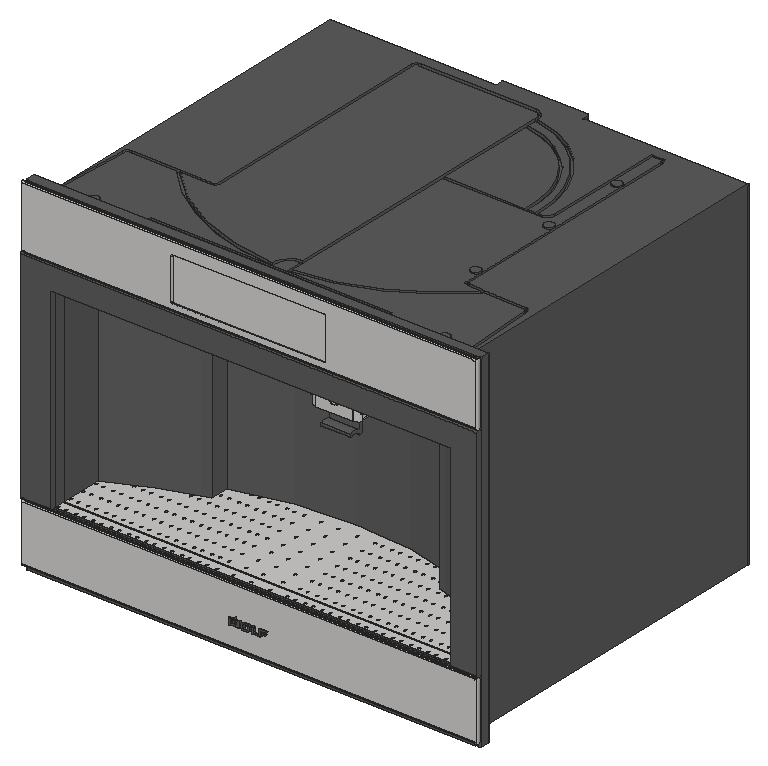
Revit family "EC2450TE", category Specialty Equipment, Revit 2017
Family settings
  Round Connector Dimension = Use Diameter
  Part Type = Normal
  OmniClass Number = 23.40.40.11.21
  OmniClass Title = Hot Cabinets
  Work Plane-Based = No
  Always vertical = Yes
  Cut with Voids When Loaded = No
  Shared = No
  Room Calculation Point = No
Parameters (values of type "EC2450TE")
  URL = "http://www.yepsketch.com"
  Model = "EC2450TE"
  Manufacturer = "Subzero Wolf"
  Author = "Yepsketch"
  Assembly Code = "E1090320"
Reference planes (in)
  plane 1 "Center (Front/Back)": y = 0
  plane 2: z = 0
  plane 3 "Center (Left/Right)": x = 0
Forms (in)
  Extrusion 1, solid, material "Thermoplastic Resin"
    sketch origin (0, 7.12532, 0) x (1, 0, 0) y (0, 1, 0)
      loop
        line (-10.56417, 11.49096) -> (-10.56417, -6.29752) -> (10.89149, -6.29752) -> (10.89149, 11.48176)
        arc (10.89149, 11.48176) -> (10.88186, 11.505) -> (10.85861, 11.51463) r 0.03287
        line (10.85861, 11.51463) -> (2.4247, 11.51463)
        arc (2.4247, 11.51463) -> (2.39736, 11.52596) -> (2.38603, 11.5533) r 0.03867
        line (2.38603, 11.5533) -> (2.38603, 11.83137)
        arc (2.38603, 11.83137) -> (2.36087, 11.89211) -> (2.30014, 11.91727) r 0.08589
        line (2.30014, 11.91727) -> (-2.01654, 11.91727)
        arc (-2.01654, 11.91727) -> (-2.04636, 11.90491) -> (-2.05872, 11.87508) r 0.04218
        line (-2.05872, 11.87508) -> (-2.05872, 11.54377)
        arc (-2.05872, 11.54377) -> (-2.06741, 11.5228) -> (-2.08838, 11.51412) r 0.02966
        line (-2.08838, 11.51412) -> (-10.54102, 11.51412)
        arc (-10.54102, 11.51412) -> (-10.55739, 11.50733) -> (-10.56417, 11.49096) r 0.02316
    from 0 to 17.50389
  Extrusion 2, solid, material "Thermoplastic Resin"
    sketch origin (0, 7.12532, 0) x (1, 0, 0) y (0, 1, 0)
      loop
        arc (-11.46314, -6.29752) -> (-11.49214, -6.30953) -> (-11.50415, -6.33853) r 0.04101
        line (-11.50415, -6.33853) -> (-11.50415, -6.74089)
        arc (-11.50415, -6.74089) -> (-11.47808, -6.80383) -> (-11.41515, -6.82989) r 0.089
        line (-11.41515, -6.82989) -> (-11.37799, -6.82989) -> (-11.37799, -6.86238) -> (11.58486, -6.86238) -> (11.58486, -6.82989) -> (11.74554, -6.82989)
        arc (11.74554, -6.82989) -> (11.80847, -6.80383) -> (11.83454, -6.74089) r 0.089
        line (11.83454, -6.74089) -> (11.83454, -6.34753)
        arc (11.83454, -6.34753) -> (11.81989, -6.31217) -> (11.78452, -6.29752) r 0.05001
        line (11.78452, -6.29752) -> (-11.46314, -6.29752)
    from 0 to 17.89035
  Extrusion 3, solid, material "Stainless Steel, Brushed"
    sketch origin (0, 7.12532, 0) x (0, 1, 0) y (0, 0, 1)
      loop
        line (-6.97925, 17.8877) -> (-6.97925, 17.92118) -> (-7.06184, 17.92118)
        arc (-7.06184, 17.92118) -> (-7.10673, 17.90259) -> (-7.12532, 17.8577) r 0.06348
        line (-7.12532, 17.8577) -> (-7.12532, 14.7687)
        arc (-7.12532, 14.7687) -> (-7.10775, 14.72628) -> (-7.06532, 14.7087) r 0.06
        line (-7.06532, 14.7087) -> (-6.97925, 14.7087) -> (-6.97925, 14.741)
        arc (-6.97925, 14.741) -> (-6.92582, 14.75199) -> (-6.88306, 14.78586) r 0.11786
        line (-6.88306, 14.78586) -> (-6.88306, 17.79151)
        arc (-6.88306, 17.79151) -> (-6.91124, 17.85953) -> (-6.97925, 17.8877) r 0.09619
    from -11.55288 to 11.88019
  Extrusion 4, solid, material "Stainless Steel, Brushed"
    sketch origin (0, 7.12532, -14.65955) x (0, 1, 0) y (0, 0, 1)
      loop
        line (-6.97925, 17.8877) -> (-6.97925, 17.92118) -> (-7.03893, 17.92118)
        arc (-7.03893, 17.92118) -> (-7.08382, 17.90259) -> (-7.10241, 17.8577) r 0.06348
        line (-7.10241, 17.8577) -> (-7.10241, 14.98643)
        arc (-7.10241, 14.98643) -> (-7.08484, 14.944) -> (-7.04241, 14.92643) r 0.06
        line (-7.04241, 14.92643) -> (-6.97925, 14.92643) -> (-6.97925, 14.95872)
        arc (-6.97925, 14.95872) -> (-6.92582, 14.96971) -> (-6.88306, 15.00358) r 0.11786
        line (-6.88306, 15.00358) -> (-6.88306, 17.79151)
        arc (-6.88306, 17.79151) -> (-6.91124, 17.85953) -> (-6.97925, 17.8877) r 0.09619
    from -11.55288 to 11.88019
  Extrusion 5, void
    sketch origin (0, 7.12532, 0) x (1, 0, 0) y (0, 1, 0)
      loop
        line (10.54298, -7.47925) -> (10.54298, -4.1828)
        arc (10.54298, -4.1828) -> (0.28647, -1.55586) -> (-9.99611, -4.0788) r 21.76654
        line (-9.99611, -4.0788) -> (-9.99611, -7.47925) -> (10.54298, -7.47925)
    from 3.35827 to 13.41379
  Extrusion 6, void
    sketch origin (0, 7.12532, 0) x (1, 0, 0) y (0, 1, 0)
      loop
        line (6.1621, -2.39482) -> (6.1621, -1.31974)
        arc (6.1621, -1.31974) -> (0.28683, -0.39574) -> (-5.58408, -1.3471) r 18.86171
        line (-5.58408, -1.3471) -> (-5.58408, -2.39482) -> (6.1621, -2.39482)
    from 3.35827 to 12.25674
  Extrusion 7, solid, material "Stainless Steel, Brushed"
    sketch origin (0, 0, 0) x (1, 0, 0) y (0, 0, 1)
      loop
        arc (-0.99053, 12.25674) -> (-1.04261, 12.23517) -> (-1.06418, 12.18309) r 0.07365
        line (-1.06418, 12.18309) -> (-1.06418, 9.0422)
        arc (-1.06418, 9.0422) -> (-1.05479, 8.99904) -> (-1.0211, 8.9705) r 0.06879
        line (-1.0211, 8.9705) -> (1.3753, 8.9705)
        arc (1.3753, 8.9705) -> (1.42013, 9.0049) -> (1.43713, 9.05879) r 0.09396
        line (1.43713, 9.05879) -> (1.43713, 12.16873)
        arc (1.43713, 12.16873) -> (1.42922, 12.22878) -> (1.3755, 12.25674) r 0.06558
        line (1.3755, 12.25674) -> (-0.99053, 12.25674)
    from -6.50267 to -5.46152
  Extrusion 8, void
    sketch origin (0, 7.12532, 0) x (1, 0, 0) y (0, 1, 0)
      loop
        line (-0.75, -0.65833) -> (-0.75, -0.62266) -> (-1.11603, -0.62266) -> (-1.11603, -0.88277) -> (-1.08095, -0.88277)
        arc (-1.08095, -0.88277) -> (-0.95427, -0.71335) -> (-0.75, -0.65833) r 0.32374
    from 8.9705 to 12.25674
  Extrusion 9, void
    sketch origin (0, 4.83887, 0) x (1, 0, 0) y (0, 1, 0)
      loop
        arc (-0.75, 0.65833) -> (-0.95427, 0.71335) -> (-1.08095, 0.88277) r 0.32374
        line (-1.08095, 0.88277) -> (-1.11603, 0.88277) -> (-1.11603, 0.62266) -> (-0.75, 0.62266) -> (-0.75, 0.65833)
    from 8.9705 to 12.25674
  Extrusion 10, void
    sketch origin (0.36435, 7.12532, 0) x (-1, 0, 0) y (0, -1, 0)
      loop
        arc (-0.75, 0.65833) -> (-0.95427, 0.71335) -> (-1.08095, 0.88277) r 0.32374
        line (-1.08095, 0.88277) -> (-1.11603, 0.88277) -> (-1.11603, 0.62266) -> (-0.75, 0.62266) -> (-0.75, 0.65833)
    from 8.9705 to 12.25674
  Extrusion 11, void
    sketch origin (0.36435, 4.83887, 0) x (-1, 0, 0) y (0, -1, 0)
      loop
        line (-0.75, -0.65833) -> (-0.75, -0.62266) -> (-1.11603, -0.62266) -> (-1.11603, -0.88277) -> (-1.08095, -0.88277)
        arc (-1.08095, -0.88277) -> (-0.95427, -0.71335) -> (-0.75, -0.65833) r 0.32374
    from 8.9705 to 12.25674
  Extrusion 12, void
    sketch origin (0, 0, 0) x (1, 0, 0) y (0, 0, 1)
      loop
        arc (0.20907, 9.90188) -> (0.17042, 9.85411) -> (0.16908, 9.79268) r 0.09502
        arc (0.16908, 9.79268) -> (0.18215, 9.72731) -> (0.18063, 9.66066) r 0.30348
        arc (0.18063, 9.66066) -> (0.14266, 9.61745) -> (0.08817, 9.63589) r 0.05184
        arc (0.08817, 9.63589) -> (0.07317, 9.68429) -> (0.06832, 9.73474) r 0.248
        arc (0.06832, 9.73474) -> (0.03117, 9.70357) -> (0, 9.66642) r 0.27811
        arc (0, 9.66642) -> (-0.03214, 9.56447) -> (0, 9.46251) r 0.17777
        arc (0, 9.46251) -> (0.08156, 9.39864) -> (0.18488, 9.39109) r 0.17777
        arc (0.18488, 9.39109) -> (0.26455, 9.44662) -> (0.28288, 9.54199) r 0.12895
        arc (0.28288, 9.54199) -> (0.28669, 9.5608) -> (0.30015, 9.57448) r 0.03369
        arc (0.30015, 9.57448) -> (0.34555, 9.53065) -> (0.36081, 9.46941) r 0.11445
        arc (0.36081, 9.46941) -> (0.40365, 9.53676) -> (0.39744, 9.61633) r 0.12602
        arc (0.39744, 9.61633) -> (0.3554, 9.68927) -> (0.29688, 9.74979) r 0.34354
        arc (0.29688, 9.74979) -> (0.24434, 9.82085) -> (0.20907, 9.90188) r 0.39184
      loop
        arc (0.31058, 9.76443) -> (0.25569, 9.84161) -> (0.22208, 9.93015) r 0.37184
        arc (0.22208, 9.93015) -> (0.15685, 9.87305) -> (0.15001, 9.78663) r 0.11502
        arc (0.15001, 9.78663) -> (0.16222, 9.72557) -> (0.1608, 9.66331) r 0.28348
        arc (0.1608, 9.66331) -> (0.13859, 9.63709) -> (0.10548, 9.64632) r 0.03184
        arc (0.10548, 9.64632) -> (0.08968, 9.70824) -> (0.09167, 9.77212) r 0.228
        arc (0.09167, 9.77212) -> (0.0319, 9.7316) -> (-0.01638, 9.67789) r 0.29811
        arc (-0.01638, 9.67789) -> (-0.05214, 9.56447) -> (-0.01638, 9.45104) r 0.19777
        arc (-0.01638, 9.45104) -> (0.07435, 9.37999) -> (0.1893, 9.37158) r 0.19777
        arc (0.1893, 9.37158) -> (0.28248, 9.43754) -> (0.3016, 9.55009) r 0.14895
        arc (0.3016, 9.55009) -> (0.33835, 9.49516) -> (0.3301, 9.42959) r 0.09445
        arc (0.3301, 9.42959) -> (0.41499, 9.50834) -> (0.41586, 9.62412) r 0.14602
        arc (0.41586, 9.62412) -> (0.37181, 9.70072) -> (0.31058, 9.76443) r 0.36354
    from -5.47663 to -5.4035
  Extrusion 13, solid, material "Thermoplastic Resin"
    sketch origin (0, 7.12532, 0) x (1, 0, 0) y (0, 1, 0)
      loop
        line (-1.0654, -1.51266) -> (-1.0654, -0.77485)
        arc (-1.0654, -0.77485) -> (-1.38347, -1.14376) -> (-1.0654, -1.51266) r 0.37297
      loop
        arc (1.43713, -1.51224) -> (1.75242, -1.14376) -> (1.43713, -0.77528) r 0.37297
        line (1.43713, -0.77528) -> (1.43713, -1.51224)
    from 9.34198 to 12.25674
  Extrusion 14, solid, material "Thermoplastic Resin"
    sketch origin (0, 0, 0) x (1, 0, 0) y (0, 0, 1)
      loop
        line (3.63763, 12.25674) -> (1.80142, 12.25674) -> (1.80142, 10.28113)
        arc (1.80142, 10.28113) -> (1.8242, 10.22611) -> (1.87922, 10.20332) r 0.0778
        line (1.87922, 10.20332) -> (2.88062, 10.20332) -> (2.88062, 11.77288)
        arc (2.88062, 11.77288) -> (2.9035, 11.8281) -> (2.95872, 11.85098) r 0.07809
        line (2.95872, 11.85098) -> (3.56601, 11.85098)
        arc (3.56601, 11.85098) -> (3.61666, 11.87195) -> (3.63763, 11.9226) r 0.07162
        line (3.63763, 11.9226) -> (3.63763, 12.25674)
    from -6.80603 to -6.28096
  Extrusion 15, solid, material "Thermoplastic Resin"
    sketch origin (0, 0, 0) x (1, 0, 0) y (0, 0, 1)
      loop
        line (3.09625, 12.25674) -> (2.0222, 12.25674) -> (2.0222, 11.90363)
        arc (2.0222, 11.90363) -> (2.07285, 11.8872) -> (2.12476, 11.8754) r 0.59081
        line (2.12476, 11.8754) -> (2.12476, 10.64971)
        arc (2.12476, 10.64971) -> (2.15218, 10.58351) -> (2.21839, 10.55608) r 0.09363
        line (2.21839, 10.55608) -> (2.54973, 10.55608)
        arc (2.54973, 10.55608) -> (2.60515, 10.57904) -> (2.62811, 10.63446) r 0.07838
        line (2.62811, 10.63446) -> (2.62811, 11.83337)
        arc (2.62811, 11.83337) -> (2.66624, 11.87122) -> (2.71815, 11.88506) r 0.10427
        line (2.71815, 11.88506) -> (3.03833, 11.88506)
        arc (3.03833, 11.88506) -> (3.07929, 11.90203) -> (3.09625, 11.94298) r 0.05792
        line (3.09625, 11.94298) -> (3.09625, 12.25674)
    from -6.28096 to -6.21407
  Extrusion 16, solid, material "Thermoplastic Resin"
    sketch origin (0, 0, 0) x (1, 0, 0) y (0, 0, 1)
      loop
        arc (2.08069, 11.26495) -> (2.13805, 11.08842) -> (2.28823, 10.97934) r 0.30029
        line (2.28823, 10.97934) -> (2.48346, 10.97934)
        arc (2.48346, 10.97934) -> (2.63358, 11.08845) -> (2.69092, 11.26495) r 0.30032
        line (2.69092, 11.26495) -> (2.69092, 11.83379)
        arc (2.69092, 11.83379) -> (2.63433, 11.97041) -> (2.49771, 12.027) r 0.19321
        line (2.49771, 12.027) -> (2.28515, 12.027)
        arc (2.28515, 12.027) -> (2.13688, 11.91323) -> (2.08069, 11.73499) r 0.31075
        line (2.08069, 11.73499) -> (2.08069, 11.26495)
    from -6.21407 to -6.1554
  Extrusion 17, solid, material "Thermoplastic Resin"
    sketch origin (0, 0, 0) x (1, 0, 0) y (0, 0, 1)
      loop
        arc (2.28823, 10.98856) -> (2.29476, 10.9728) -> (2.31052, 10.96626) r 0.0223
        line (2.31052, 10.96626) -> (2.46109, 10.96626)
        arc (2.46109, 10.96626) -> (2.47693, 10.97126) -> (2.48705, 10.98444) r 0.02762
        line (2.48705, 10.98444) -> (2.48705, 12.22934)
        arc (2.48705, 12.22934) -> (2.47778, 12.24362) -> (2.46169, 12.24916) r 0.02613
        line (2.46169, 12.24916) -> (2.31653, 12.24916)
        arc (2.31653, 12.24916) -> (2.29929, 12.24366) -> (2.28823, 12.22934) r 0.03043
        line (2.28823, 12.22934) -> (2.28823, 10.98856)
    from -6.11295 to -6.21407
  Extrusion 18, solid, material "Thermoplastic Resin"
    sketch origin (0, 7.12532, 0) x (0, 1, 0) y (0, 0, 1)
      loop
        line (-0.84436, 8.9705) -> (-0.99436, 8.9705) -> (-0.99436, 8.19369)
        arc (-0.99436, 8.19369) -> (-1.26723, 8.29577) -> (-1.55106, 8.23005) r 0.50472
        arc (-1.55106, 8.23005) -> (-1.57884, 8.12769) -> (-1.47648, 8.0999) r 0.075
        arc (-1.47648, 8.0999) -> (-1.20832, 8.13476) -> (-0.99352, 7.9705) r 0.35472
        line (-0.99352, 7.9705) -> (-0.84436, 7.9705) -> (-0.84436, 8.9705)
    from -0.57 to 0.94415
  Extrusion 19, solid, material "Thermoplastic Resin"
    sketch origin (0, 7.12532, 0) x (1, 0, 0) y (0, 1, 0)
      loop
        circle (-0.4373, -1.08937) r 0.02
      loop
        circle (0.82051, -1.08937) r 0.02
    from 8.77454 to 9.01713
  Extrusion 20, void
    sketch origin (0, 7.12532, 0) x (1, 0, 0) y (0, 1, 0)
      loop
        circle (-9.90171, -6.74661) r 0.06
      loop
        circle (-9.49728, -6.74661) r 0.06
      loop
        circle (-8.99728, -6.74661) r 0.06
      loop
        circle (-8.59285, -6.74661) r 0.06
      loop
        circle (-8.09285, -6.74661) r 0.06
      loop
        circle (-7.68843, -6.74661) r 0.06
      loop
        circle (-7.18843, -6.74661) r 0.06
      loop
        circle (-6.784, -6.74661) r 0.06
      loop
        circle (-6.284, -6.74661) r 0.06
      loop
        circle (-5.87957, -6.74661) r 0.06
      loop
        circle (-5.37957, -6.74661) r 0.06
      loop
        circle (-4.97515, -6.74661) r 0.06
      loop
        circle (-4.47515, -6.74661) r 0.06
      loop
        circle (-4.07072, -6.74661) r 0.06
      loop
        circle (-3.57072, -6.74661) r 0.06
      loop
        circle (-3.1663, -6.74661) r 0.06
      loop
        circle (-2.6663, -6.74661) r 0.06
      loop
        circle (-2.26187, -6.74661) r 0.06
      loop
        circle (-1.76187, -6.74661) r 0.06
      loop
        circle (1.84829, -6.74661) r 0.06
      loop
        circle (2.25272, -6.74661) r 0.06
      loop
        circle (2.75272, -6.74661) r 0.06
      loop
        circle (3.15715, -6.74661) r 0.06
      loop
        circle (3.65715, -6.74661) r 0.06
      loop
        circle (4.06157, -6.74661) r 0.06
      loop
        circle (4.56157, -6.74661) r 0.06
      loop
        circle (4.966, -6.74661) r 0.06
      loop
        circle (5.466, -6.74661) r 0.06
      loop
        circle (5.87043, -6.74661) r 0.06
      loop
        circle (6.37043, -6.74661) r 0.06
      loop
        circle (6.77485, -6.74661) r 0.06
      loop
        circle (7.27485, -6.74661) r 0.06
      loop
        circle (7.67928, -6.74661) r 0.06
      loop
        circle (8.17928, -6.74661) r 0.06
      loop
        circle (8.5837, -6.74661) r 0.06
      loop
        circle (9.0837, -6.74661) r 0.06
      loop
        circle (9.48813, -6.74661) r 0.06
      loop
        circle (9.98813, -6.74661) r 0.06
      loop
        circle (-0.03032, -6.74661) r 0.06
      loop
        circle (0.96968, -6.74661) r 0.06
      loop
        circle (-0.90645, -6.74661) r 0.06
    from 3.16504 to 3.46811
  Extrusion 21, void
    sketch origin (0, 7.92532, 0) x (1, 0, 0) y (0, 1, 0)
      loop
        circle (-9.90171, -6.74661) r 0.06
      loop
        circle (-9.49728, -6.74661) r 0.06
      loop
        circle (-8.99728, -6.74661) r 0.06
      loop
        circle (-8.59285, -6.74661) r 0.06
      loop
        circle (-8.09285, -6.74661) r 0.06
      loop
        circle (-7.68843, -6.74661) r 0.06
      loop
        circle (-7.18843, -6.74661) r 0.06
      loop
        circle (-6.784, -6.74661) r 0.06
      loop
        circle (-6.284, -6.74661) r 0.06
      loop
        circle (-5.87957, -6.74661) r 0.06
      loop
        circle (-5.37957, -6.74661) r 0.06
      loop
        circle (-4.97515, -6.74661) r 0.06
      loop
        circle (-4.47515, -6.74661) r 0.06
      loop
        circle (-4.07072, -6.74661) r 0.06
      loop
        circle (-3.57072, -6.74661) r 0.06
      loop
        circle (-3.1663, -6.74661) r 0.06
      loop
        circle (-2.6663, -6.74661) r 0.06
      loop
        circle (-2.26187, -6.74661) r 0.06
      loop
        circle (-1.76187, -6.74661) r 0.06
      loop
        circle (1.84829, -6.74661) r 0.06
      loop
        circle (2.25272, -6.74661) r 0.06
      loop
        circle (2.75272, -6.74661) r 0.06
      loop
        circle (3.15715, -6.74661) r 0.06
      loop
        circle (3.65715, -6.74661) r 0.06
      loop
        circle (4.06157, -6.74661) r 0.06
      loop
        circle (4.56157, -6.74661) r 0.06
      loop
        circle (4.966, -6.74661) r 0.06
      loop
        circle (5.466, -6.74661) r 0.06
      loop
        circle (5.87043, -6.74661) r 0.06
      loop
        circle (6.37043, -6.74661) r 0.06
      loop
        circle (6.77485, -6.74661) r 0.06
      loop
        circle (7.27485, -6.74661) r 0.06
      loop
        circle (7.67928, -6.74661) r 0.06
      loop
        circle (8.17928, -6.74661) r 0.06
      loop
        circle (8.5837, -6.74661) r 0.06
      loop
        circle (9.0837, -6.74661) r 0.06
      loop
        circle (9.48813, -6.74661) r 0.06
      loop
        circle (9.98813, -6.74661) r 0.06
      loop
        circle (-0.03032, -6.74661) r 0.06
      loop
        circle (0.96968, -6.74661) r 0.06
      loop
        circle (-0.90645, -6.74661) r 0.06
    from 3.16504 to 3.46811
  Extrusion 22, void
    sketch origin (0, 8.72532, 0) x (1, 0, 0) y (0, 1, 0)
      loop
        circle (-9.90171, -6.74661) r 0.06
      loop
        circle (-9.49728, -6.74661) r 0.06
      loop
        circle (-8.99728, -6.74661) r 0.06
      loop
        circle (-8.59285, -6.74661) r 0.06
      loop
        circle (-8.09285, -6.74661) r 0.06
      loop
        circle (-7.68843, -6.74661) r 0.06
      loop
        circle (-7.18843, -6.74661) r 0.06
      loop
        circle (-6.784, -6.74661) r 0.06
      loop
        circle (-6.284, -6.74661) r 0.06
      loop
        circle (-5.87957, -6.74661) r 0.06
      loop
        circle (-5.37957, -6.74661) r 0.06
      loop
        circle (-4.97515, -6.74661) r 0.06
      loop
        circle (-4.47515, -6.74661) r 0.06
      loop
        circle (-4.07072, -6.74661) r 0.06
      loop
        circle (-3.57072, -6.74661) r 0.06
      loop
        circle (-3.1663, -6.74661) r 0.06
      loop
        circle (-2.6663, -6.74661) r 0.06
      loop
        circle (-2.26187, -6.74661) r 0.06
      loop
        circle (-1.76187, -6.74661) r 0.06
      loop
        circle (1.84829, -6.74661) r 0.06
      loop
        circle (2.25272, -6.74661) r 0.06
      loop
        circle (2.75272, -6.74661) r 0.06
      loop
        circle (3.15715, -6.74661) r 0.06
      loop
        circle (3.65715, -6.74661) r 0.06
      loop
        circle (4.06157, -6.74661) r 0.06
      loop
        circle (4.56157, -6.74661) r 0.06
      loop
        circle (4.966, -6.74661) r 0.06
      loop
        circle (5.466, -6.74661) r 0.06
      loop
        circle (5.87043, -6.74661) r 0.06
      loop
        circle (6.37043, -6.74661) r 0.06
      loop
        circle (6.77485, -6.74661) r 0.06
      loop
        circle (7.27485, -6.74661) r 0.06
      loop
        circle (7.67928, -6.74661) r 0.06
      loop
        circle (8.17928, -6.74661) r 0.06
      loop
        circle (8.5837, -6.74661) r 0.06
      loop
        circle (9.0837, -6.74661) r 0.06
      loop
        circle (9.48813, -6.74661) r 0.06
      loop
        circle (9.98813, -6.74661) r 0.06
      loop
        circle (-0.03032, -6.74661) r 0.06
      loop
        circle (0.96968, -6.74661) r 0.06
      loop
        circle (-0.90645, -6.74661) r 0.06
    from 3.16504 to 3.46811
  Extrusion 23, void
    sketch origin (0, 9.52532, 0) x (1, 0, 0) y (0, 1, 0)
      loop
        circle (-9.90171, -6.74661) r 0.06
      loop
        circle (-9.49728, -6.74661) r 0.06
      loop
        circle (-8.99728, -6.74661) r 0.06
      loop
        circle (-8.59285, -6.74661) r 0.06
      loop
        circle (-8.09285, -6.74661) r 0.06
      loop
        circle (-7.68843, -6.74661) r 0.06
      loop
        circle (-7.18843, -6.74661) r 0.06
      loop
        circle (-6.784, -6.74661) r 0.06
      loop
        circle (-6.284, -6.74661) r 0.06
      loop
        circle (-5.87957, -6.74661) r 0.06
      loop
        circle (-5.37957, -6.74661) r 0.06
      loop
        circle (-4.97515, -6.74661) r 0.06
      loop
        circle (-4.47515, -6.74661) r 0.06
      loop
        circle (-4.07072, -6.74661) r 0.06
      loop
        circle (-3.57072, -6.74661) r 0.06
      loop
        circle (-3.1663, -6.74661) r 0.06
      loop
        circle (-2.6663, -6.74661) r 0.06
      loop
        circle (-2.26187, -6.74661) r 0.06
      loop
        circle (-1.76187, -6.74661) r 0.06
      loop
        circle (1.84829, -6.74661) r 0.06
      loop
        circle (2.25272, -6.74661) r 0.06
      loop
        circle (2.75272, -6.74661) r 0.06
      loop
        circle (3.15715, -6.74661) r 0.06
      loop
        circle (3.65715, -6.74661) r 0.06
      loop
        circle (4.06157, -6.74661) r 0.06
      loop
        circle (4.56157, -6.74661) r 0.06
      loop
        circle (4.966, -6.74661) r 0.06
      loop
        circle (5.466, -6.74661) r 0.06
      loop
        circle (5.87043, -6.74661) r 0.06
      loop
        circle (6.37043, -6.74661) r 0.06
      loop
        circle (6.77485, -6.74661) r 0.06
      loop
        circle (7.27485, -6.74661) r 0.06
      loop
        circle (7.67928, -6.74661) r 0.06
      loop
        circle (8.17928, -6.74661) r 0.06
      loop
        circle (8.5837, -6.74661) r 0.06
      loop
        circle (9.0837, -6.74661) r 0.06
      loop
        circle (9.48813, -6.74661) r 0.06
      loop
        circle (9.98813, -6.74661) r 0.06
      loop
        circle (-0.03032, -6.74661) r 0.06
      loop
        circle (0.96968, -6.74661) r 0.06
      loop
        circle (-0.90645, -6.74661) r 0.06
    from 3.16504 to 3.46811
  Extrusion 24, void
    sketch origin (0, 10.32532, 0) x (1, 0, 0) y (0, 1, 0)
      loop
        circle (-8.59285, -6.74661) r 0.06
      loop
        circle (-8.09285, -6.74661) r 0.06
      loop
        circle (-7.68843, -6.74661) r 0.06
      loop
        circle (-7.18843, -6.74661) r 0.06
      loop
        circle (-6.784, -6.74661) r 0.06
      loop
        circle (-6.284, -6.74661) r 0.06
      loop
        circle (-5.87957, -6.74661) r 0.06
      loop
        circle (-5.37957, -6.74661) r 0.06
      loop
        circle (-4.97515, -6.74661) r 0.06
      loop
        circle (-4.47515, -6.74661) r 0.06
      loop
        circle (-4.07072, -6.74661) r 0.06
      loop
        circle (-3.57072, -6.74661) r 0.06
      loop
        circle (-3.1663, -6.74661) r 0.06
      loop
        circle (-2.6663, -6.74661) r 0.06
      loop
        circle (-2.26187, -6.74661) r 0.06
      loop
        circle (-1.76187, -6.74661) r 0.06
      loop
        circle (1.84829, -6.74661) r 0.06
      loop
        circle (2.25272, -6.74661) r 0.06
      loop
        circle (2.75272, -6.74661) r 0.06
      loop
        circle (3.15715, -6.74661) r 0.06
      loop
        circle (3.65715, -6.74661) r 0.06
      loop
        circle (4.06157, -6.74661) r 0.06
      loop
        circle (4.56157, -6.74661) r 0.06
      loop
        circle (4.966, -6.74661) r 0.06
      loop
        circle (5.466, -6.74661) r 0.06
      loop
        circle (5.87043, -6.74661) r 0.06
      loop
        circle (6.37043, -6.74661) r 0.06
      loop
        circle (6.77485, -6.74661) r 0.06
      loop
        circle (7.27485, -6.74661) r 0.06
      loop
        circle (7.67928, -6.74661) r 0.06
      loop
        circle (8.17928, -6.74661) r 0.06
      loop
        circle (8.5837, -6.74661) r 0.06
      loop
        circle (-0.03032, -6.74661) r 0.06
      loop
        circle (0.96968, -6.74661) r 0.06
      loop
        circle (-0.90645, -6.74661) r 0.06
    from 3.16504 to 3.46811
  Extrusion 25, void
    sketch origin (0, 11.12532, 0) x (1, 0, 0) y (0, 1, 0)
      loop
        circle (-6.284, -6.74661) r 0.06
      loop
        circle (-5.87957, -6.74661) r 0.06
      loop
        circle (-5.37957, -6.74661) r 0.06
      loop
        circle (-4.97515, -6.74661) r 0.06
      loop
        circle (-4.47515, -6.74661) r 0.06
      loop
        circle (-4.07072, -6.74661) r 0.06
      loop
        circle (-3.57072, -6.74661) r 0.06
      loop
        circle (-3.1663, -6.74661) r 0.06
      loop
        circle (-2.6663, -6.74661) r 0.06
      loop
        circle (-2.26187, -6.74661) r 0.06
      loop
        circle (-1.76187, -6.74661) r 0.06
      loop
        circle (1.84829, -6.74661) r 0.06
      loop
        circle (2.25272, -6.74661) r 0.06
      loop
        circle (2.75272, -6.74661) r 0.06
      loop
        circle (3.15715, -6.74661) r 0.06
      loop
        circle (3.65715, -6.74661) r 0.06
      loop
        circle (4.06157, -6.74661) r 0.06
      loop
        circle (4.56157, -6.74661) r 0.06
      loop
        circle (4.966, -6.74661) r 0.06
      loop
        circle (5.466, -6.74661) r 0.06
      loop
        circle (5.87043, -6.74661) r 0.06
      loop
        circle (6.37043, -6.74661) r 0.06
      loop
        circle (6.77485, -6.74661) r 0.06
      loop
        circle (-0.03032, -6.74661) r 0.06
      loop
        circle (0.96968, -6.74661) r 0.06
      loop
        circle (-0.90645, -6.74661) r 0.06
    from 3.16504 to 3.46811
  Extrusion 26, void
    sketch origin (0, 12.72532, 0) x (1, 0, 0) y (0, 1, 0)
      loop
        circle (-4.47515, -6.74661) r 0.06
      loop
        circle (-4.07072, -6.74661) r 0.06
      loop
        circle (-3.57072, -6.74661) r 0.06
      loop
        circle (-3.1663, -6.74661) r 0.06
      loop
        circle (-2.6663, -6.74661) r 0.06
      loop
        circle (-2.26187, -6.74661) r 0.06
      loop
        circle (-1.76187, -6.74661) r 0.06
      loop
        circle (1.84829, -6.74661) r 0.06
      loop
        circle (2.25272, -6.74661) r 0.06
      loop
        circle (2.75272, -6.74661) r 0.06
      loop
        circle (3.15715, -6.74661) r 0.06
      loop
        circle (3.65715, -6.74661) r 0.06
      loop
        circle (4.06157, -6.74661) r 0.06
      loop
        circle (4.56157, -6.74661) r 0.06
      loop
        circle (4.966, -6.74661) r 0.06
      loop
        circle (-0.03032, -6.74661) r 0.06
      loop
        circle (0.96968, -6.74661) r 0.06
      loop
        circle (-0.90645, -6.74661) r 0.06
    from 3.16504 to 3.35827
  Extrusion 27, void
    sketch origin (0, 7.12532, 0) x (1, 0, 0) y (0, 1, 0)
      loop
        line (-10.43787, -6.18224) -> (-10.2246, -2.11267)
        arc (-10.2246, -2.11267) -> (-10.18568, -2.01872) -> (-10.09172, -1.9798) r 0.13288
        line (-10.09172, -1.9798) -> (-7.70905, -1.9798)
        arc (-7.70905, -1.9798) -> (-4.13432, -4.64214) -> (0.22503, -5.57102) r 10.44095
        arc (0.22503, -5.57102) -> (0.3618, -4.98489) -> (0.90448, -4.72462) r 0.69592
        line (0.90448, -4.72462) -> (0.90448, -5.54347)
        arc (0.90448, -5.54347) -> (4.87961, -4.51122) -> (8.16241, -2.04335) r 10.58274
        line (8.16241, -2.04335) -> (10.23484, -2.12901)
        arc (10.23484, -2.12901) -> (10.3579, -2.17998) -> (10.40887, -2.30304) r 0.17403
        line (10.40887, -2.30304) -> (10.61258, -6.19009) -> (10.76279, -6.19009) -> (10.55884, -2.29851)
        arc (10.55884, -2.29851) -> (10.46362, -2.07358) -> (10.23841, -1.97903) r 0.32403
        line (10.23841, -1.97903) -> (7.97338, -1.8854) -> (7.27463, -1.85652)
        arc (7.27463, -1.85652) -> (7.22184, -1.83608) -> (7.19977, -1.78395) r 0.07261
        line (7.19977, -1.78395) -> (7.19977, 10.66415)
        arc (7.19977, 10.66415) -> (7.10977, 10.88142) -> (6.8925, 10.97141) r 0.30726
        line (6.8925, 10.97141) -> (6.37337, 10.97141) -> (6.37337, 4.72138)
        arc (6.37337, 4.72138) -> (6.26198, 4.45244) -> (5.99304, 4.34105) r 0.38033
        line (5.99304, 4.34105) -> (5.84971, 4.34105)
        arc (5.84971, 4.34105) -> (4.58305, 8.23524) -> (1.05448, 10.31332) r 5.78094
        arc (1.05448, 10.31332) -> (0.86854, 10.76223) -> (0.41963, 10.94817) r 0.63485
        line (0.41963, 10.94817) -> (-5.48194, 10.94817)
        arc (-5.48194, 10.94817) -> (-5.6803, 10.86601) -> (-5.76246, 10.66765) r 0.28052
        line (-5.76246, 10.66765) -> (-5.76246, -1.76267)
        arc (-5.76246, -1.76267) -> (-5.78212, -1.81014) -> (-5.82959, -1.8298) r 0.06713
        line (-5.82959, -1.8298) -> (-10.09172, -1.8298)
        arc (-10.09172, -1.8298) -> (-10.29009, -1.91101) -> (-10.37456, -2.10801) r 0.28288
        line (-10.37456, -2.10801) -> (-10.58808, -6.18224) -> (-10.43787, -6.18224)
      loop
        line (-5.82959, -1.9798) -> (-7.5092, -1.9798)
        arc (-7.5092, -1.9798) -> (-4.08822, -4.49834) -> (0.05857, -5.42054) r 10.29095
        arc (0.05857, -5.42054) -> (0.30633, -4.82239) -> (0.90448, -4.57462) r 0.84592
        line (0.90448, -4.57462) -> (0.90448, 10.31332)
        arc (0.90448, 10.31332) -> (0.76247, 10.65617) -> (0.41963, 10.79817) r 0.48485
        line (0.41963, 10.79817) -> (-5.48194, 10.79817)
        arc (-5.48194, 10.79817) -> (-5.57423, 10.75995) -> (-5.61246, 10.66765) r 0.13052
        line (-5.61246, 10.66765) -> (-5.61246, -1.76267)
        arc (-5.61246, -1.76267) -> (-5.67606, -1.9162) -> (-5.82959, -1.9798) r 0.21713
      loop
        line (1.05448, 10.16106) -> (1.05448, 9.67825)
        arc (1.05448, 9.67825) -> (4.25606, 7.86743) -> (5.3019, 4.34105) r 4.91066
        line (5.3019, 4.34105) -> (5.69953, 4.34105)
        arc (5.69953, 4.34105) -> (4.47637, 8.12847) -> (1.05448, 10.16106) r 5.63094
      loop
        line (-6.192, -6.19009) -> (-6.192, -6.01085) -> (-5.98145, -5.80031) -> (6.26855, -5.80031) -> (6.42878, -5.96055) -> (6.42878, -6.19009) -> (6.57878, -6.19009) -> (6.57878, -5.89841) -> (6.33068, -5.65031) -> (-6.04359, -5.65031) -> (-6.342, -5.94872) -> (-6.342, -6.19009) -> (-6.192, -6.19009)
      loop
        arc (1.05448, -5.38317) -> (4.83014, -4.36852) -> (7.96719, -2.03528) r 10.43274
        line (7.96719, -2.03528) -> (7.27237, -2.00656)
        arc (7.27237, -2.00656) -> (7.11497, -1.94136) -> (7.04977, -1.78395) r 0.22261
        line (7.04977, -1.78395) -> (7.04977, 10.66415)
        arc (7.04977, 10.66415) -> (7.00371, 10.77535) -> (6.8925, 10.82141) r 0.15726
        line (6.8925, 10.82141) -> (6.52337, 10.82141) -> (6.52337, 4.72138)
        arc (6.52337, 4.72138) -> (6.36804, 4.34638) -> (5.99304, 4.19105) r 0.53033
        line (5.99304, 4.19105) -> (1.05448, 4.19105) -> (1.05448, -5.38317)
      loop
        arc (5.15119, 4.34105) -> (4.14929, 7.76065) -> (1.05448, 9.52691) r 4.76066
        line (1.05448, 9.52691) -> (1.05448, 4.34105) -> (5.15119, 4.34105)
    from 17.3627 to 19.56477
  Extrusion 28, solid, material "Thermoplastic Resin"
    sketch origin (0, 7.12532, 0) x (1, 0, 0) y (0, 1, 0)
      loop
        circle (-8.82536, -5.84299) r 0.25
      loop
        circle (9.17464, -5.84299) r 0.25
      loop
        circle (6.78502, -0.84299) r 0.25
      loop
        circle (6.78502, 3.84451) r 0.25
      loop
        circle (6.78502, 8.19454) r 0.25
    from 17.46658 to 17.52551
  Sweep 29, void
    path origin (3.21322, 0, 0) x (1, 0, 0) y (0, 0, 1)
      loop
        line (-14.76984, 0.26688) -> (-14.76984, 17.92118)
    profile origin (-11.55663, 0, 9.09403) x (-1, 0, 0) y (0, -1, 0)
      loop
        line (-0.0981, -0.25296) -> (0.07449, -0.25296) -> (0.07449, 0.0091) -> (-0.08802, 0.0091)
        arc (-0.08802, 0.0091) -> (-0.01402, -0.12497) -> (-0.0981, -0.25296) r 0.14824
  Sweep 30, void
    path origin (-2.88308, 0, 0) x (-1, 0, 0) y (0, 0, 1)
      loop
        line (-14.76984, 0.26688) -> (-14.76984, 17.92118)
    profile origin (11.88677, 0, 9.09403) x (-1, 0, 0) y (0, -1, 0)
      loop
        arc (0.0981, -0.25843) -> (0.01402, -0.13044) -> (0.08802, 0.00363) r 0.14824
        line (0.08802, 0.00363) -> (-0.07449, 0.00363) -> (-0.07449, -0.25843) -> (0.0981, -0.25843)
  Extrusion 31, void
    sketch origin (0, 11.92532, 0) x (1, 0, 0) y (0, 1, 0)
      loop
        circle (-5.37957, -6.74661) r 0.06
      loop
        circle (-4.97515, -6.74661) r 0.06
      loop
        circle (-4.47515, -6.74661) r 0.06
      loop
        circle (-4.07072, -6.74661) r 0.06
      loop
        circle (-3.57072, -6.74661) r 0.06
      loop
        circle (-3.1663, -6.74661) r 0.06
      loop
        circle (-2.6663, -6.74661) r 0.06
      loop
        circle (-2.26187, -6.74661) r 0.06
      loop
        circle (-1.76187, -6.74661) r 0.06
      loop
        circle (1.84829, -6.74661) r 0.06
      loop
        circle (2.25272, -6.74661) r 0.06
      loop
        circle (2.75272, -6.74661) r 0.06
      loop
        circle (3.15715, -6.74661) r 0.06
      loop
        circle (3.65715, -6.74661) r 0.06
      loop
        circle (4.06157, -6.74661) r 0.06
      loop
        circle (4.56157, -6.74661) r 0.06
      loop
        circle (4.966, -6.74661) r 0.06
      loop
        circle (5.466, -6.74661) r 0.06
      loop
        circle (5.87043, -6.74661) r 0.06
      loop
        circle (-0.03032, -6.74661) r 0.06
      loop
        circle (0.96968, -6.74661) r 0.06
      loop
        circle (-0.90645, -6.74661) r 0.06
    from 3.16504 to 3.46811
  Extrusion 32, solid, material "Thermoplastic Resin"
    sketch origin (0, 7.12532, 0) x (1, 0, 0) y (0, 1, 0)
      loop
        arc (-7.06417, -2.81864) -> (0.16366, -4.04719) -> (7.39149, -2.81864) r 21.87568
        line (7.39149, -2.81864) -> (7.39149, 0) -> (-7.06417, 0) -> (-7.06417, -2.81864)
    from 12.25674 to 13.41379
  Extrusion 33, solid, material "Thermoplastic Resin"
    sketch origin (0, 7.12532, -3.27732) x (0, 1, 0) y (0, 0, 1)
      loop
        line (-6.97925, 17.8877) -> (-6.97925, 17.92118) -> (-7.06177, 17.92118)
        arc (-7.06177, 17.92118) -> (-7.10666, 17.90259) -> (-7.12525, 17.8577) r 0.06348
        line (-7.12525, 17.8577) -> (-7.12525, 6.67316)
        arc (-7.12525, 6.67316) -> (-7.10768, 6.63073) -> (-7.06525, 6.61316) r 0.06
        line (-7.06525, 6.61316) -> (-6.97925, 6.61316) -> (-6.97925, 6.64545)
        arc (-6.97925, 6.64545) -> (-6.92582, 6.65644) -> (-6.88306, 6.69031) r 0.11786
        line (-6.88306, 6.69031) -> (-6.88306, 17.79151)
        arc (-6.88306, 17.79151) -> (-6.91124, 17.85953) -> (-6.97925, 17.8877) r 0.09619
    from -11.55288 to 11.88019
  Extrusion 34, solid, material "Glass, Frosted"
    sketch origin (0.02176, 7.13536, 0.00285) x (1, 0, 0) y (0, 0, 1)
      loop
        arc (-3.70029, 17.31285) -> (-3.79515, 17.27344) -> (-3.83442, 17.17853) r 0.13432
        line (-3.83442, 17.17853) -> (-3.83442, 15.11885)
        arc (-3.83442, 15.11885) -> (-3.81392, 15.06936) -> (-3.76442, 15.04885) r 0.07
        line (-3.76442, 15.04885) -> (4.04858, 15.04885)
        arc (4.04858, 15.04885) -> (4.09808, 15.06936) -> (4.11858, 15.11885) r 0.07
        line (4.11858, 15.11885) -> (4.11858, 17.24285)
        arc (4.11858, 17.24285) -> (4.09808, 17.29235) -> (4.04858, 17.31285) r 0.07
        line (4.04858, 17.31285) -> (-3.70029, 17.31285)
    from 6.84902 to 7.13536
  Extrusion 35, void
    sketch origin (0.02176, 0, 0.00285) x (-1, 0, 0) y (0, 0, 1)
      loop
        line (3.70029, 17.31285) -> (-4.04858, 17.31285)
        arc (-4.04858, 17.31285) -> (-4.09808, 17.29235) -> (-4.11858, 17.24285) r 0.07
        line (-4.11858, 17.24285) -> (-4.11858, 15.11885)
        arc (-4.11858, 15.11885) -> (-4.09808, 15.06936) -> (-4.04858, 15.04885) r 0.07
        line (-4.04858, 15.04885) -> (3.76442, 15.04885)
        arc (3.76442, 15.04885) -> (3.81392, 15.06936) -> (3.83442, 15.11885) r 0.07
        line (3.83442, 15.11885) -> (3.83442, 17.17853)
        arc (3.83442, 17.17853) -> (3.79515, 17.27344) -> (3.70029, 17.31285) r 0.13432
    from 0 to 0.08903
  Extrusion 36, solid, material "Thermoplastic Resin"
    sketch origin (-0.03592, 0, -0.23818) x (1, 0, 0) y (0, 0, 1)
      loop
        line (-0.78338, 1.93507) -> (-0.78338, 1.6486)
        arc (-0.78338, 1.6486) -> (-0.76479, 1.60964) -> (-0.7228, 1.59961) r 0.05011
        arc (-0.7228, 1.59961) -> (-0.61616, 1.62639) -> (-0.5079, 1.64558) r 1.55626
        arc (-0.5079, 1.64558) -> (-0.40084, 1.6278) -> (-0.2958, 1.60049) r 1.20968
        arc (-0.2958, 1.60049) -> (-0.25018, 1.60972) -> (-0.23318, 1.65304) r 0.04866
        line (-0.23318, 1.65304) -> (-0.23318, 1.93125)
        arc (-0.23318, 1.93125) -> (-0.31238, 1.89844) -> (-0.34519, 1.81924) r 0.11201
        line (-0.34519, 1.81924) -> (-0.34519, 1.70699)
        arc (-0.34519, 1.70699) -> (-0.35261, 1.68908) -> (-0.37053, 1.68166) r 0.02534
        arc (-0.37053, 1.68166) -> (-0.43864, 1.69691) -> (-0.5079, 1.70549) r 0.72005
        arc (-0.5079, 1.70549) -> (-0.57894, 1.69799) -> (-0.64803, 1.67986) r 0.47224
        arc (-0.64803, 1.67986) -> (-0.6643, 1.6866) -> (-0.67104, 1.70287) r 0.02301
        line (-0.67104, 1.70287) -> (-0.67104, 1.82273)
        arc (-0.67104, 1.82273) -> (-0.70394, 1.90217) -> (-0.78338, 1.93507) r 0.11235
      loop
        arc (-0.56557, 1.90748) -> (-0.5872, 1.89239) -> (-0.60229, 1.87076) r 0.07521
        arc (-0.60229, 1.87076) -> (-0.59345, 1.78059) -> (-0.51043, 1.74433) r 0.08951
        arc (-0.51043, 1.74433) -> (-0.47511, 1.76343) -> (-0.46243, 1.80153) r 0.05455
        arc (-0.46243, 1.80153) -> (-0.46214, 1.81803) -> (-0.45569, 1.83322) r 0.04323
        arc (-0.45569, 1.83322) -> (-0.43543, 1.81122) -> (-0.42883, 1.78205) r 0.05798
        arc (-0.42883, 1.78205) -> (-0.41536, 1.79598) -> (-0.40624, 1.81308) r 0.06974
        arc (-0.40624, 1.81308) -> (-0.4108, 1.85645) -> (-0.43391, 1.89342) r 0.09691
        line (-0.43391, 1.89342) -> (-0.45673, 1.91625)
        arc (-0.45673, 1.91625) -> (-0.47997, 1.95054) -> (-0.49449, 1.98935) r 0.17478
        arc (-0.49449, 1.98935) -> (-0.51379, 1.97221) -> (-0.52256, 1.94794) r 0.05234
        arc (-0.52256, 1.94794) -> (-0.5155, 1.91422) -> (-0.51539, 1.87978) r 0.16948
        arc (-0.51539, 1.87978) -> (-0.52642, 1.85392) -> (-0.55331, 1.8621) r 0.02104
        arc (-0.55331, 1.8621) -> (-0.56264, 1.88392) -> (-0.56557, 1.90748) r 0.08502
      loop
        line (-0.13714, 1.82707) -> (-0.13714, 1.70373)
        arc (-0.13714, 1.70373) -> (-0.09523, 1.61485) -> (0, 1.59063) r 0.1152
        line (0, 1.59063) -> (0.17151, 1.59063)
        arc (0.17151, 1.59063) -> (0.25662, 1.62589) -> (0.29188, 1.711) r 0.12037
        line (0.29188, 1.711) -> (0.29188, 1.81888)
        arc (0.29188, 1.81888) -> (0.25662, 1.90399) -> (0.17151, 1.93924) r 0.12037
        line (0.17151, 1.93924) -> (0, 1.93924)
        arc (0, 1.93924) -> (-0.09515, 1.91565) -> (-0.13714, 1.82707) r 0.11445
      loop
        arc (0.1346, 1.64398) -> (0.17192, 1.65944) -> (0.18738, 1.69676) r 0.05278
        line (0.18738, 1.69676) -> (0.18738, 1.83018)
        arc (0.18738, 1.83018) -> (0.17192, 1.8675) -> (0.1346, 1.88296) r 0.05278
        line (0.1346, 1.88296) -> (0.018, 1.88296)
        arc (0.018, 1.88296) -> (-0.02223, 1.86286) -> (-0.03032, 1.81862) r 0.05032
        line (-0.03032, 1.81862) -> (-0.03032, 1.71287)
        arc (-0.03032, 1.71287) -> (-0.01014, 1.66416) -> (0.03857, 1.64398) r 0.06889
        line (0.03857, 1.64398) -> (0.1346, 1.64398)
      loop
        arc (0.8275, 1.93924) -> (0.78371, 1.92111) -> (0.76557, 1.87732) r 0.06192
        line (0.76557, 1.87732) -> (0.76557, 1.65068)
        arc (0.76557, 1.65068) -> (0.8195, 1.59675) -> (0.87343, 1.65068) r 0.05393
        line (0.87343, 1.65068) -> (0.87343, 1.6847)
        arc (0.87343, 1.6847) -> (0.88527, 1.70013) -> (0.90382, 1.70598) r 0.03234
        line (0.90382, 1.70598) -> (1.06376, 1.70598)
        arc (1.06376, 1.70598) -> (1.09629, 1.73851) -> (1.06376, 1.77105) r 0.03253
        line (1.06376, 1.77105) -> (0.88126, 1.77105)
        arc (0.88126, 1.77105) -> (0.87349, 1.80451) -> (0.88126, 1.83797) r 0.07591
        line (0.88126, 1.83797) -> (1.06376, 1.83797)
        arc (1.06376, 1.83797) -> (1.13029, 1.86868) -> (1.15008, 1.93924) r 0.08743
        line (1.15008, 1.93924) -> (0.8275, 1.93924)
      loop
        arc (0.50305, 1.82698) -> (0.47017, 1.90636) -> (0.39079, 1.93924) r 0.11226
        line (0.39079, 1.93924) -> (0.39079, 1.65068)
        arc (0.39079, 1.65068) -> (0.40668, 1.61231) -> (0.44504, 1.59642) r 0.05425
        line (0.44504, 1.59642) -> (0.69605, 1.59642)
        arc (0.69605, 1.59642) -> (0.72741, 1.62779) -> (0.69605, 1.65915) r 0.03137
        line (0.69605, 1.65915) -> (0.5263, 1.65915)
        arc (0.5263, 1.65915) -> (0.50986, 1.66596) -> (0.50305, 1.6824) r 0.02324
        line (0.50305, 1.6824) -> (0.50305, 1.82698)
    from -0.26294 to 0.06132
Cuts and joins
  Extrusion 5, Extrusion 6, Extrusion 8, Extrusion 9, Extrusion 10, Extrusion 11, Extrusion 12, Extrusion 21, Extrusion 22, Extrusion 23, Extrusion 24, Extrusion 25, Extrusion 26, Extrusion 27, Extrusion 31, Extrusion 35 cuts Extrusion 1
  Extrusion 5, Extrusion 20, Extrusion 21, Extrusion 27, Sweep 30, Extrusion 35 cuts Extrusion 2
  Extrusion 5, Sweep 29, Sweep 30 cuts Extrusion 4
  Sweep 29, Sweep 30, Extrusion 35 cuts Extrusion 3
  Extrusion 8, Extrusion 9, Extrusion 10, Extrusion 11, Extrusion 12, Extrusion 27 cuts Extrusion 7
  Extrusion 27 cuts Extrusion 18
  Extrusion 5 cuts Extrusion 33
Dimensions and locks (in)
  aligned and locked: level to plane 2
